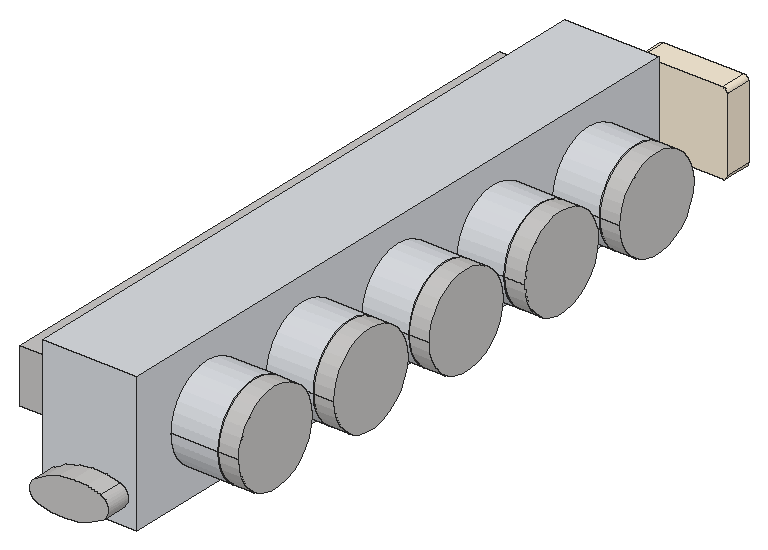
Revit family "HVAC_Ductwork_Airzone_Motorized-Plenum_Galletti_Standard_5-Dampers", category Mechanical Equipment, Revit 2016
Family settings
  Part Type = Normal
  Round Connector Dimension = Use Diameter
  OmniClass Number = 23.75.70.14
  OmniClass Title = Air Ductwork
  Work Plane-Based = No
  Always vertical = Yes
  Cut with Voids When Loaded = No
  Shared = No
  Room Calculation Point = No
Parameters (values of type "GALST01L5")
  Voltage = 230 V
  URL = "www.airzone.es"
  Type Image Comments = "Image available in product documentation download"  # constant formula
  Revit Model Version = "1.0"  # constant formula
  Revit Model Author URL = "www.a3d.es"
  Revit Model Author = "A3D Consulting"  # constant formula
  Product Documentation Download URL = "http://doc.airzone.es/BIM/Easyzone/Galleti-Airzone_motorized_plenum.zip"
  Product Comments = "Refer to technical documentation for further details"  # constant formula
  Power Factor = 1
  Neck Width = 1307.600 mm
  Neck Length = 95.000 mm
  Neck Height = 116.600 mm
  Material = Metal - AIRZONE - Galvanized Sheet - Semi-polished
  Main Control Board Material = Plastic - AIRZONE - Smooth - Off-white
  Load Classification = Other
  Insulated Body Width = 205.000 mm  # constant formula
  Insulated Body Material = Metal -AIRZONE - Insulating Lining -Aluminum Finish
  Insulated Body Length = 1425.000 mm  # constant formula
  Insulated Body Height = 300.000 mm  # constant formula
  Flow [instance] = Damper 5 Air Flow + Damper 4 Air Flow + Damper 3 Air Flow + Damper 2 Air Flow + Damper 1 Air Flow - Fresh Air Inlet 2 Flow - Fresh Air Inlet 1 Flow  # 1500 m³/h
  Fresh Air Inlet 1 Flow [instance] = 0 m³/h
  Fresh Air Inlet 2 Flow [instance] = 0 m³/h
  Fresh Air Inlet Connection Width = 175.000 mm
  Fresh Air Inlet Connection Height = 75.000 mm
  Model = "GALST01L5"
  Neck Side Offset = 58.700 mm
  Neck Bottom Offset = 112.700 mm
  Type Image = <None>
  Manufacturer = "AIRZONE"  # constant formula
  Main Control Board Depth = 57.000 mm  # constant formula
  Main Control Board Width = 195.000 mm  # constant formula
  Main Control Board Height = 180.000 mm  # constant formula
  Fixing = ""
  Disclaimer = "All information provided in this model is reviewed before being published. However, Airzone cannot guarantee this model is error-free, therefore users are strongly encouraged to check for technical documentation and updates"  # constant formula
  Description = "Airzone standard motorized plenum with neck that mechanically adapts to the main ducted AC units of Galletti."
  Type Comments = ""
  Dampers Length = 149.000 mm  # constant formula
  Dampers Diameter = 200.000 mm  # constant formula
  Damper 5 Air Flow [instance] = 300 m³/h
  Damper 4 Air Flow [instance] = 300 m³/h
  Damper 1 Air Flow [instance] = 300 m³/h
  Damper 2 Air Flow [instance] = 300 m³/h
  Damper 3 Air Flow [instance] = 300 m³/h
  Fresh Air Inlet Connection Offset Height = 48.305 mm  # constant formula
  Compatible Accesories = ""
  Apparent Load = 57.5 VA
Types (2, lengths in mm): name | Neck Width | Model | Neck Side Offset
  GALST01L5 | 1307.600 | "GALST01L5" | 58.700
  GALST01M5 | 1073.600 | "GALST01M5" | 175.700
Reference planes
  plane 1 "Center (Front/Back)": y = 0
  plane 2 "Center (Elevation)": z = 0
  plane 3 "Center (Left/Right)": x = 0
  plane 4 "Neck Back": y = 653.8
  plane 5 "Neck Front": y = -653.8
  plane 6 "Neck Top": z = 58.3
  plane 7 "Neck Bottom": z = -58.3
  plane 8 "Left": x = 95
  plane 9 "Bottom": z = -171
  plane 10 "Top": z = 129
  plane 11 "Front": y = -712.5
  plane 12 "Back": y = 712.5
  plane 13 "Right": x = 300
  plane 14 "Dampers Front": x = 449
  plane 15 "Dampers Center (Elevation)": z = -21
  plane 16 "Damper3": y = 0
  plane 17 "Damper2": y = 260
  plane 18 "Damper1": y = 520
  plane 19 "Middle": y = 0
  plane 20 "FreshAir Center (Elevation)": z = -122.695
  plane 21 "FreshAir1": y = 765
  plane 22 "FreshAir2": y = -765
  plane 23 "Dampers Lining": x = 404
  plane 24 "FreshAir Vertical Axis": x = 195.83
  plane 25 "ConnectionBox Side": x = 254
  plane 26 "Main Control Board Center (Left/Right)": x = 351.5
  plane 27 "Damper4": y = -260
  plane 28 "Damper5": y = -520
Forms (mm)
  Extrusion 1, solid, material "Metal - AIRZONE - Galvanized Sheet - Semi-polished" <- "Material"
    sketch origin (0, 0, 0) x (0, 1, 0) y (0, 0, 1)
      loop
        line (-653.8, 58.3) -> (-653.8, -58.3) -> (653.8, -58.3) -> (653.8, 58.3) -> (-653.8, 58.3)
    from 0 to 95
  Extrusion 2, solid, material "Metal -AIRZONE - Insulating Lining -Aluminum Finish" <- "Insulated Body Material"
    sketch origin (95, 0, 0) x (0, 1, 0) y (0, 0, 1)
      loop
        line (-712.5, 129) -> (-712.5, -171) -> (712.5, -171) -> (712.5, 129) -> (-712.5, 129)
    from 0 to 205
  Extrusion 3, solid, material "Metal - AIRZONE - Galvanized Sheet - Semi-polished" <- "Material"
    sketch origin (300, 0, 0) x (0, 1, 0) y (0, 0, 1)
      loop
        circle (0, -21) r 100
    from 104 to 149
  Extrusion 4, solid, material "Metal - AIRZONE - Galvanized Sheet - Semi-polished" <- "Material"
    sketch origin (300, 0, 0) x (0, 1, 0) y (0, 0, 1)
      loop
        circle (260, -21) r 100
    from 104 to 149
  Extrusion 5, solid, material "Metal - AIRZONE - Galvanized Sheet - Semi-polished" <- "Material"
    sketch origin (300, 0, 0) x (0, 1, 0) y (0, 0, 1)
      loop
        circle (520, -21) r 100
    from 104 to 149
  Extrusion 6, solid, material "Metal - AIRZONE - Galvanized Sheet - Semi-polished" <- "Material"
    sketch origin (0, -712.5, 0) x (0, 0, 1) y (1, 0, 0)
      loop
        arc (-90.141, 265.204) -> (-111.608, 282.105) -> (-136.312, 270.434) r 25.96
        arc (-136.312, 270.434) -> (-162.302, 200.598) -> (-154.849, 126.456) r 164.67
        arc (-154.849, 126.456) -> (-133.665, 109.589) -> (-108.994, 120.751) r 25.96
        arc (-108.994, 120.751) -> (-82.725, 190.78) -> (-90.141, 265.204) r 164.67
    from 0 to -52.5
  Extrusion 7, solid, material "Metal - AIRZONE - Galvanized Sheet - Semi-polished" <- "Material"
    sketch origin (0, 712.5, 0) x (0, 0, 1) y (1, 0, 0)
      loop
        arc (-90.141, 265.204) -> (-111.325, 282.071) -> (-135.996, 270.909) r 25.96
        arc (-135.996, 270.909) -> (-162.179, 201.53) -> (-155.267, 127.699) r 164.67
        arc (-155.267, 127.699) -> (-134.032, 109.637) -> (-108.678, 121.226) r 25.96
        arc (-108.678, 121.226) -> (-82.688, 191.062) -> (-90.141, 265.204) r 164.67
    from 0 to 52.5
  Extrusion 8, solid, material "Metal -AIRZONE - Insulating Lining -Aluminum Finish" <- "Insulated Body Material"
    sketch origin (300, 0, 0) x (0, 1, 0) y (0, 0, 1)
      loop
        circle (520, -21) r 100
    from 0 to 104
  Extrusion 9, solid, material "Metal -AIRZONE - Insulating Lining -Aluminum Finish" <- "Insulated Body Material"
    sketch origin (300, -260, 0) x (0, 1, 0) y (0, 0, 1)
      loop
        circle (520, -21) r 100
    from 0 to 104
  Extrusion 10, solid, material "Metal -AIRZONE - Insulating Lining -Aluminum Finish" <- "Insulated Body Material"
    sketch origin (300, -520, 0) x (0, 1, 0) y (0, 0, 1)
      loop
        circle (520, -21) r 100
    from 0 to 104
  Extrusion 11, solid, material "Metal - AIRZONE - Galvanized Sheet - Semi-polished" <- "Material"
    sketch origin (300, -190, 0) x (0, 1, 0) y (0, 0, 1)
      loop
        circle (-70, -21) r 100
    from 104 to 149
  Extrusion 12, solid, material "Metal -AIRZONE - Insulating Lining -Aluminum Finish" <- "Insulated Body Material"
    sketch origin (300, -710, 0) x (0, 1, 0) y (0, 0, 1)
      loop
        circle (450, -21) r 100
    from 0 to 104
  Extrusion 13, solid, material "Metal -AIRZONE - Insulating Lining -Aluminum Finish" <- "Insulated Body Material"
    sketch origin (300, -970, 0) x (0, 1, 0) y (0, 0, 1)
      loop
        circle (450, -21) r 100
    from 0 to 104
  Extrusion 14, solid, material "Metal - AIRZONE - Galvanized Sheet - Semi-polished" <- "Material"
    sketch origin (300, -450, 0) x (0, 1, 0) y (0, 0, 1)
      loop
        circle (-70, -21) r 100
    from 104 to 149
Lines and regions (mm)
  Masking region 1
    outline origin (0, 0, 0) x (1, 0, 0) y (0, 1, 0)
      loop
        line (95, 712.5) -> (95, -712.5) -> (300, -712.5) -> (300, 712.5) -> (95, 712.5)
  Masking region 2, detail levels medium+fine
    outline origin (0, 0, 0) x (1, 0, 0) y (0, 1, 0)
      loop
        line (0, 653.8) -> (0, -653.8) -> (95, -653.8) -> (95, 653.8) -> (0, 653.8)
  Masking region 3, detail levels medium+fine
    outline origin (0, 0, 0) x (1, 0, 0) y (0, 1, 0)
      loop
        line (300, 100) -> (300, -100) -> (449, -100) -> (449, 100) -> (300, 100)
  Masking region 4, detail levels medium+fine
    outline origin (0, 260, 0) x (1, 0, 0) y (0, 1, 0)
      loop
        line (300, 100) -> (300, -100) -> (449, -100) -> (449, 100) -> (300, 100)
  Masking region 5, detail levels medium+fine
    outline origin (0, 520, 0) x (1, 0, 0) y (0, 1, 0)
      loop
        line (300, 100) -> (300, -100) -> (449, -100) -> (449, 100) -> (300, 100)
  Masking region 6, detail levels medium+fine
    outline origin (0, 0, -122.695) x (1, 0, 0) y (0, 1, 0)
      loop
        line (108.33, 765) -> (108.33, 712.5) -> (283.33, 712.5) -> (283.33, 765) -> (108.33, 765)
  Masking region 7, detail levels medium+fine
    outline origin (0, 0, -122.695) x (1, 0, 0) y (0, 1, 0)
      loop
        line (108.33, -712.5) -> (108.33, -765) -> (283.33, -765) -> (283.33, -712.5) -> (108.33, -712.5)
  Masking region 8, detail levels medium+fine
    outline origin (0, 0, 129) x (0, -1, 0) y (1, 0, 0)
      loop
        line (-769.5, 254) -> (-712.5, 254) -> (-712.5, 449) -> (-769.5, 449) -> (-769.5, 254)
  Masking region 9, detail levels medium+fine
    outline origin (0, -190, 0) x (1, 0, 0) y (0, 1, 0)
      loop
        line (300, 30) -> (300, -170) -> (449, -170) -> (449, 30) -> (300, 30)
  Masking region 10, detail levels medium+fine
    outline origin (0, -450, 0) x (1, 0, 0) y (0, 1, 0)
      loop
        line (300, 30) -> (300, -170) -> (449, -170) -> (449, 30) -> (300, 30)
  symbolic lines, detail levels coarse
    curve 1: line (95, -712.5, 0) -> (300, 0, 0)
    curve 2: line (300, 0, 0) -> (95, 712.5, 0)
Dimensions and locks
  equal spacing: plane 4 "Neck Back", plane 1 "Center (Front/Back)", plane 5 "Neck Front"
  "Neck Width": plane 4 "Neck Back" to plane 5 "Neck Front"
  equal spacing: plane 6 "Neck Top", level, plane 7 "Neck Bottom"
  "Neck Height": plane 6 "Neck Top" to plane 7 "Neck Bottom"
  "Neck Length": plane 3 "Center (Left/Right)" to plane 8 "Left"
  "Neck Bottom Offset": plane 7 "Neck Bottom" to plane 9 "Bottom"
  "Insulated Body Height": plane 10 "Top" to plane 9 "Bottom"
  "Insulated Body Length": plane 12 "Back" to plane 11 "Front"
  "Insulated Body Width": plane 8 "Left" to plane 13 "Right"
  "Dampers Length": plane 13 "Right" to plane 14 "Dampers Front"
  equal spacing: plane 10 "Top", plane 15 "Dampers Center (Elevation)", plane 9 "Bottom"
  equal spacing: plane 12 "Back", plane 19 "Middle", plane 11 "Front"
  plane 8 "Left" to plane 13 "Right" = 205.000 mm
  "Fresh Air Inlet Connection Offset Height": plane 20 "FreshAir Center (Elevation)" to plane 9 "Bottom"
  locked: Extrusion 6 sketch curve to plane 9 "Bottom" at 56.47
  locked: plane 13 "Right" to Extrusion 6 sketch curve at 43.69
  locked: plane 13 "Right" to Extrusion 6 sketch curve at 164.65
  locked: Extrusion 6 sketch curve to plane 9 "Bottom" at 40.54
  locked: plane 13 "Right" to Extrusion 6 sketch curve at 87.91
  locked: plane 9 "Bottom" to Extrusion 6 sketch curve at 75.01
  locked: plane 13 "Right" to Extrusion 6 sketch curve at 120.43
  locked: Extrusion 6 sketch curve to plane 9 "Bottom" at 172.02
  locked: plane 13 "Right" to Extrusion 7 sketch curve at 43.69
  locked: Extrusion 7 sketch curve to plane 9 "Bottom" at 56.47
  locked: Extrusion 7 sketch curve to plane 9 "Bottom" at 40.54
  locked: plane 13 "Right" to Extrusion 7 sketch curve at 164.65
  locked: plane 13 "Right" to Extrusion 7 sketch curve at 120.43
  locked: Extrusion 7 sketch curve to plane 9 "Bottom" at 172.02
  locked: plane 9 "Bottom" to Extrusion 7 sketch curve at 75.01
  locked: plane 13 "Right" to Extrusion 7 sketch curve at 87.91
  "Neck Side Offset": plane 12 "Back" to plane 4 "Neck Back"
  locked: plane 21 "FreshAir1" to plane 12 "Back" at 52.5
  plane 11 "Front" to plane 22 "FreshAir2" = 52.500 mm
  locked: connector elem to plane 13 "Right" at 104.17
  locked: plane 20 "FreshAir Center (Elevation)" to connector elem
  locked: plane 13 "Right" to connector elem at 104.17
  locked: connector elem to plane 20 "FreshAir Center (Elevation)"
  locked: plane 23 "Dampers Lining" to plane 14 "Dampers Front" at 45
  locked: plane 24 "FreshAir Vertical Axis" to plane 13 "Right" at 104.17
  equal spacing: Masking region 3 sketch curve, plane 16 "Damper3", Masking region 3 sketch curve
  "Dampers Diameter": Masking region 3 sketch curve to Masking region 3 sketch curve
  "Dampers Diameter": Masking region 4 sketch curve to Masking region 4 sketch curve
  equal spacing: Masking region 5 sketch curve, plane 18 "Damper1", Masking region 5 sketch curve
  "Dampers Diameter": Masking region 5 sketch curve to Masking region 5 sketch curve
  equal spacing: Masking region 6 sketch curve, plane 24 "FreshAir Vertical Axis", Masking region 6 sketch curve
  "Fresh Air Inlet Connection Width": Masking region 6 sketch curve to Masking region 6 sketch curve
  equal spacing: Masking region 7 sketch curve, plane 24 "FreshAir Vertical Axis", Masking region 7 sketch curve
  "Fresh Air Inlet Connection Width": Masking region 7 sketch curve to Masking region 7 sketch curve
  "Main Control Board Depth": Masking region 8 sketch curve to plane 12 "Back"
  "Main Control Board Width": plane 25 "ConnectionBox Side" to plane 14 "Dampers Front"
  equal spacing: plane 25 "ConnectionBox Side", plane 26 "Main Control Board Center (Left/Right)", plane 14 "Dampers Front"
  locked: nested 1 to plane 10 "Top" at 10
  equal spacing: Masking region 4 sketch curve, plane 17 "Damper2", Masking region 4 sketch curve
  equal spacing: Masking region 9 sketch curve, plane 27 "Damper4", Masking region 9 sketch curve
  "Dampers Diameter": Masking region 9 sketch curve to Masking region 9 sketch curve
  plane 18 "Damper1" to plane 17 "Damper2" to plane 16 "Damper3" to plane 27 "Damper4" to plane 28 "Damper5" = 260.000 mm locked, 260.000 mm locked, 260.000 mm locked, 260.000 mm locked
  locked: plane 19 "Middle" to plane 16 "Damper3"
  equal spacing: Masking region 10 sketch curve, plane 28 "Damper5", Masking region 10 sketch curve
  "Dampers Diameter": Masking region 10 sketch curve to Masking region 10 sketch curve
  "Dampers Diameter": diameter of Extrusion 3 sketch curve
  "Dampers Diameter": diameter of Extrusion 4 sketch curve
  "Dampers Diameter": diameter of Extrusion 5 sketch curve
  radius of Extrusion 7 sketch curve = 164.670 mm  (x2)
  radius of Extrusion 7 sketch curve = 25.960 mm  (x2)
  radius of Extrusion 6 sketch curve = 164.670 mm  (x2)
  radius of Extrusion 6 sketch curve = 25.960 mm  (x2)
  "Dampers Diameter": diameter of Extrusion 8 sketch curve
  "Dampers Diameter": diameter of Extrusion 9 sketch curve
  "Dampers Diameter": diameter of Extrusion 10 sketch curve
  "Dampers Diameter": diameter of Extrusion 11 sketch curve
  "Dampers Diameter": diameter of Extrusion 12 sketch curve
  "Dampers Diameter": diameter of Extrusion 13 sketch curve
  "Dampers Diameter": diameter of Extrusion 14 sketch curve
  aligned and locked: level to plane 2 "Center (Elevation)"
  aligned and locked: plane 5 "Neck Front" to Extrusion 1 sketch curve
  aligned and locked: Extrusion 1 sketch curve to plane 6 "Neck Top"
  aligned and locked: Extrusion 1 sketch curve to plane 4 "Neck Back"
  aligned and locked: plane 7 "Neck Bottom" to Extrusion 1 sketch curve
  aligned and locked: Extrusion 1 to plane 3 "Center (Left/Right)"
  aligned and locked: Extrusion 2 sketch curve to plane 10 "Top"
  aligned and locked: Extrusion 2 sketch curve to plane 12 "Back"
  aligned and locked: plane 9 "Bottom" to Extrusion 2 sketch curve
  aligned and locked: plane 11 "Front" to Extrusion 2 sketch curve
  aligned and locked: plane 13 "Right" to Extrusion 2
  aligned and locked: Extrusion 2 to plane 8 "Left"
  aligned and locked: plane 16 "Damper3" to Extrusion 3 sketch curve
  aligned and locked: plane 15 "Dampers Center (Elevation)" to Extrusion 3 sketch curve
  aligned and locked: plane 15 "Dampers Center (Elevation)" to Extrusion 4 sketch curve
  aligned and locked: plane 18 "Damper1" to Extrusion 5 sketch curve
  aligned and locked: plane 15 "Dampers Center (Elevation)" to Extrusion 5 sketch curve
  aligned and locked: plane 14 "Dampers Front" to Extrusion 5
  aligned and locked: plane 14 "Dampers Front" to Extrusion 4
  aligned and locked: plane 14 "Dampers Front" to Extrusion 3
  aligned and locked: plane 8 "Left" to Extrusion 1
  aligned and locked: plane 22 "FreshAir2" to Extrusion 6
  aligned and locked: plane 21 "FreshAir1" to Extrusion 7
  aligned and locked: Extrusion 7 to plane 12 "Back"
  aligned and locked: plane 11 "Front" to Extrusion 6
  aligned and locked: Extrusion 5 to plane 23 "Dampers Lining"
  aligned and locked: Extrusion 5 to Extrusion 4
  aligned and locked: Extrusion 4 to Extrusion 3
  aligned and locked: plane 23 "Dampers Lining" to Extrusion 8
  aligned and locked: Extrusion 10 to plane 13 "Right"
  aligned and locked: plane 23 "Dampers Lining" to Extrusion 10
  aligned and locked: Extrusion 9 to plane 13 "Right"
  aligned and locked: plane 23 "Dampers Lining" to Extrusion 9
  aligned and locked: Extrusion 8 to plane 13 "Right"
  aligned and locked: Extrusion 9 to Extrusion 8
  aligned and locked: plane 18 "Damper1" to Extrusion 8 sketch curve
  aligned and locked: plane 15 "Dampers Center (Elevation)" to Extrusion 8 sketch curve
  aligned and locked: plane 15 "Dampers Center (Elevation)" to Extrusion 9 sketch curve
  aligned and locked: plane 16 "Damper3" to Extrusion 10 sketch curve
  aligned and locked: plane 15 "Dampers Center (Elevation)" to Extrusion 10 sketch curve
  aligned and locked: Masking region 1 sketch curve to plane 12 "Back"
  aligned and locked: plane 8 "Left" to Masking region 1 sketch curve
  aligned and locked: Masking region 1 sketch curve to plane 13 "Right"
  aligned and locked: plane 11 "Front" to Masking region 1 sketch curve
  aligned and locked: plane 5 "Neck Front" to Masking region 2 sketch curve
  aligned and locked: plane 3 "Center (Left/Right)" to Masking region 2 sketch curve
  aligned and locked: Masking region 2 sketch curve to plane 4 "Neck Back"
  aligned and locked: Masking region 2 sketch curve to plane 8 "Left"
  aligned and locked: plane 13 "Right" to Masking region 3 sketch curve
  aligned and locked: Masking region 3 sketch curve to plane 14 "Dampers Front"
  aligned and locked: plane 13 "Right" to Masking region 4 sketch curve
  aligned and locked: Masking region 4 sketch curve to plane 14 "Dampers Front"
  aligned and locked: plane 13 "Right" to Masking region 5 sketch curve
  aligned and locked: Masking region 5 sketch curve to plane 14 "Dampers Front"
  aligned and locked: plane 12 "Back" to Masking region 6 sketch curve
  aligned and locked: Masking region 6 sketch curve to plane 21 "FreshAir1"
  aligned and locked: Masking region 7 sketch curve to plane 11 "Front"
  aligned and locked: Masking region 7 sketch curve to plane 22 "FreshAir2"
  aligned and locked: plane 12 "Back" to Masking region 8 sketch curve
  aligned and locked: Masking region 8 sketch curve to plane 14 "Dampers Front"
  aligned and locked: plane 25 "ConnectionBox Side" to Masking region 8 sketch curve
  aligned and locked: plane 17 "Damper2" to Extrusion 9 sketch curve
  aligned and locked: plane 17 "Damper2" to Extrusion 4 sketch curve
  aligned and locked: Masking region 9 sketch curve to plane 14 "Dampers Front"
  aligned and locked: plane 13 "Right" to Masking region 9 sketch curve
  aligned and locked: Extrusion 12 to plane 13 "Right"
  aligned and locked: plane 23 "Dampers Lining" to Extrusion 12
  aligned and locked: Extrusion 11 to plane 23 "Dampers Lining"
  aligned and locked: plane 14 "Dampers Front" to Extrusion 11
  aligned and locked: plane 15 "Dampers Center (Elevation)" to Extrusion 12 sketch curve
  aligned and locked: plane 27 "Damper4" to Extrusion 12 sketch curve
  aligned and locked: plane 15 "Dampers Center (Elevation)" to Extrusion 11 sketch curve
  aligned and locked: plane 27 "Damper4" to Extrusion 11 sketch curve
  aligned and locked: Masking region 10 sketch curve to plane 14 "Dampers Front"
  aligned and locked: plane 13 "Right" to Masking region 10 sketch curve
  aligned and locked: plane 28 "Damper5" to Extrusion 13 sketch curve
  aligned and locked: plane 15 "Dampers Center (Elevation)" to Extrusion 13 sketch curve
  aligned and locked: Extrusion 14 to plane 23 "Dampers Lining"
  aligned and locked: plane 14 "Dampers Front" to Extrusion 14
  aligned and locked: plane 15 "Dampers Center (Elevation)" to Extrusion 14 sketch curve
  aligned and locked: plane 28 "Damper5" to Extrusion 14 sketch curve
  aligned and locked: nested 1 to plane 26 "Main Control Board Center (Left/Right)"
Automatic sketch dimensions
  curve 2 to plane 8 "Left" = 0.000 mm
  curve 1 to plane 8 "Left" = 0.000 mm
  curve 2 to plane 13 "Right" = 0.000 mm
  curve 1 to plane 11 "Front" = 0.000 mm
  curve 2 to plane 16 "Damper3" = 0.000 mm
  curve 2 to plane 12 "Back" = 0.000 mm
Nested families
  nested 1: "Airzone_Main-Control-Board" at (351.5, 712.5, 29) x (-1, 0, 0) z (0, 1, 0), Extrusion <- "Main Control Board Depth", Height <- "Main Control Board Height", Width <- "Main Control Board Width", Material <- "Main Control Board Material", type "Standard"
    with Width 195.000 mm, Material Plastic - AIRZONE - Smooth - Off-white, Height 180.000 mm, Extrusion 57.000 mm
Connectors
  hvac at (449, 0, -21), driven by "Damper 3 Air Flow", driven by "Dampers Diameter"
    settings: on Extrusion 3, index 1, duct flow 300 m³/h, flow factor 0, pres drop 0.0 Pa, loss coef 0, conn angle 0.00°, conn width 304.8 mm, conn height 304.8 mm, conn diameter 200 mm, duct sys type 1, conn prof type 0, flow config 0, flow direction 2, loss method 0, conn ref index -1, conn util no, is conn primary no, conn desc "Supply Air Out 3"
  hvac at (449, 260, -21), driven by "Damper 2 Air Flow", driven by "Dampers Diameter"
    settings: on Extrusion 4, index 2, duct flow 300 m³/h, flow factor 0, pres drop 0.0 Pa, loss coef 0, conn angle 0.00°, conn width 304.8 mm, conn height 304.8 mm, conn diameter 200 mm, duct sys type 1, conn prof type 0, flow config 0, flow direction 2, loss method 0, conn ref index -1, conn util no, is conn primary no, conn desc "Supply Air Out 2"
  hvac at (449, 520, -21), driven by "Damper 1 Air Flow", driven by "Dampers Diameter"
    settings: on Extrusion 5, index 3, duct flow 300 m³/h, flow factor 0, pres drop 0.0 Pa, loss coef 0, conn angle 0.00°, conn width 304.8 mm, conn height 304.8 mm, conn diameter 200 mm, duct sys type 1, conn prof type 0, flow config 0, flow direction 2, loss method 0, conn ref index -1, conn util no, is conn primary no, conn desc "Supply Air Out 1"
  hvac at (0, 0, 0), driven by "Flow", driven by "Neck Height", driven by "Neck Width"
    settings: on Extrusion 1, index 6, duct flow 1500 m³/h, flow factor 0, pres drop 0.0 Pa, loss coef 0, conn angle 0.00°, conn width 1307.6 mm, conn height 116.6 mm, conn diameter 609.6 mm, duct sys type 1, conn prof type 1, flow config 1, flow direction 1, loss method 0, conn ref index -1, conn util no, is conn primary yes, conn desc "Supply Air In"
  hvac at (195.83, -765, -122.695), driven by "Fresh Air Inlet 2 Flow", driven by "Fresh Air Inlet Connection Width", driven by "Fresh Air Inlet Connection Height"
    settings: index 7, duct flow 0 m³/h, flow factor 0, pres drop 0.0 Pa, loss coef 0, conn angle 0.00°, conn width 175 mm, conn height 75 mm, conn diameter 609.6 mm, duct sys type 1, conn prof type 2, flow config 1, flow direction 1, loss method 0, conn ref index -1, conn util no, is conn primary no, conn desc "Fresh Air In 2"
  hvac at (195.83, 765, -122.695), driven by "Fresh Air Inlet 1 Flow", driven by "Fresh Air Inlet Connection Height", driven by "Fresh Air Inlet Connection Width"
    settings: index 8, duct flow 0 m³/h, flow factor 0, pres drop 0.0 Pa, loss coef 0, conn angle 0.00°, conn width 175 mm, conn height 75 mm, conn diameter 609.6 mm, duct sys type 1, conn prof type 2, flow config 1, flow direction 1, loss method 0, conn ref index -1, conn util no, is conn primary no, conn desc "Fresh Air In 1"
  hvac at (449, -260, -21), driven by "Damper 4 Air Flow", driven by "Dampers Diameter"
    settings: on Extrusion 11, index 9, duct flow 300 m³/h, flow factor 0, pres drop 0.0 Pa, loss coef 0, conn angle 0.00°, conn width 304.8 mm, conn height 304.8 mm, conn diameter 200 mm, duct sys type 1, conn prof type 0, flow config 0, flow direction 2, loss method 0, conn ref index -1, conn util no, is conn primary no, conn desc "Supply Air Out 4"
  hvac at (449, -520, -21), driven by "Damper 5 Air Flow", driven by "Dampers Diameter"
    settings: on Extrusion 14, index 10, duct flow 300 m³/h, flow factor 0, pres drop 0.0 Pa, loss coef 0, conn angle 0.00°, conn width 304.8 mm, conn height 304.8 mm, conn diameter 200 mm, duct sys type 1, conn prof type 0, flow config 0, flow direction 2, loss method 0, conn ref index -1, conn util no, is conn primary no, conn desc "Supply Air Out 5"
  electrical at (351.5, 769.5, 29), driven by "Load Classification", driven by "Voltage", driven by "Apparent Load", driven by "Power Factor"
    settings: on nested 1, index 11, voltage 230 V, apparent load 57.5 VA, apparent load phase1 0 VA, apparent load phase2 0 VA, apparent load phase3 0 VA, power factor 1, load classification "Other", number of poles 1, system type 30, power factor state 1, is connector primary yes, connector utility no, sub classification motor no, connector description "Power Supply"
Definition of nested family "Airzone_Main-Control-Board"
  Parameters (values of type "Standard")
    Width [instance] = 195.000 mm
    URL = "www.airzone.es"
    Revit Model Version = "1.0"  # constant formula
    Revit Model Author URL = "www.a3d.es"
    Revit Model Author = "A3D Consulting"  # constant formula
    Material [instance] = none
    Manufacturer = "AIRZONE"  # constant formula
    Height [instance] = 180.000 mm
    Extrusion [instance] = 57.000 mm
    Default Elevation = 0.000 mm
  Reference planes
    plane 1 "Center (Front/Back)": y = 0
    plane 2: z = 0
    plane 3 "Center (Left/Right)": x = 0
    plane 4: y = 90
    plane 5: y = -90
    plane 6: x = 97.5
    plane 7: x = -97.5
  Forms (mm)
    Extrusion 1, solid, material <- "Material"
      sketch origin (0, 0, 0) x (1, 0, 0) y (0, 1, 0)
        loop
          arc (-87.5, 90) -> (-94.571, 87.071) -> (-97.5, 80) r 10
          line (-97.5, 80) -> (-97.5, -80)
          arc (-97.5, -80) -> (-94.571, -87.071) -> (-87.5, -90) r 10
          line (-87.5, -90) -> (87.5, -90)
          arc (87.5, -90) -> (94.571, -87.071) -> (97.5, -80) r 10
          line (97.5, -80) -> (97.5, 80)
          arc (97.5, 80) -> (94.571, 87.071) -> (87.5, 90) r 10
          line (87.5, 90) -> (-87.5, 90)
      from 0 to 57 <- "Extrusion"
  Dimensions and locks
    equal spacing: plane 7, plane 3 "Center (Left/Right)", plane 6
    equal spacing: plane 4, plane 1 "Center (Front/Back)", plane 5
    "Width": plane 7 to plane 6
    "Height": plane 4 to plane 5
    radius of Extrusion 1 sketch curve = 10.000 mm  (x4)
    aligned and locked: level to plane 2
    aligned and locked: plane 5 to Extrusion 1 sketch curve
    aligned and locked: Extrusion 1 sketch curve to plane 6
    aligned and locked: Extrusion 1 sketch curve to plane 4
    aligned and locked: plane 7 to Extrusion 1 sketch curve
